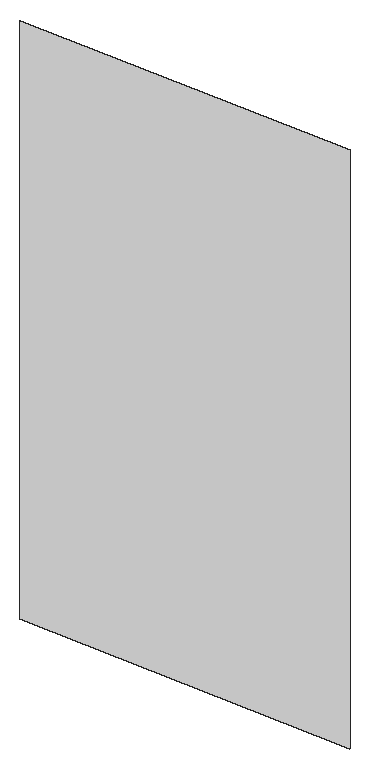
Revit family "PKNail Com Outlet", category Electrical Fixtures, host Wall, Revit 2017
Family settings
  Host = Wall
  Maintain Annotation Orientation = No
  Round Connector Dimension = Use Diameter
  Part Type = Normal
  OmniClass Number = 23.80.50.11.11
  OmniClass Title = Receptacle Terminal Units
  Always vertical = Yes
  Cut with Voids When Loaded = No
  Shared = No
  Room Calculation Point = No
Parameters (values of type "COM Outlet")
  Width = 70.00 mm
  PKNail Family Measure Location Centered = yes
  PKNail Family Instance Elevation [instance] = 254.00 mm
  PKNail Family Fixed Dimensions = "Width:Height"
  Label = "COM"
  Height = 114.00 mm
  Material = Plastic - White
Reference planes
  plane 1: y = 0
  plane 2 "Center (Left/Right)": x = 0
  plane 3 "Back": y = 76.2
  plane 4 "Left": x = -35
  plane 5 "Right": x = 35
  plane 6: z = 247.65
  plane 7: z = 361.65
  plane 8 "Center (Elevation)": z = 304.65
  plane 9: y = 80.962
  plane 10: y = 82.55
  plane 11: z = 50.65
Forms (mm)
  Blend 1, solid, material "Plastic - White" <- "Material"
    base sketch origin (0, 76.2, 0) x (1, 0, 0) y (0, 0, 1)
      loop
        line (35, 361.65) -> (-35, 361.65) -> (-35, 247.65) -> (35, 247.65) -> (35, 361.65)
    top sketch origin (0, 76.2, 0) x (1, 0, 0) y (0, 0, 1)
      loop
        line (30.238, 356.888) -> (-30.237, 356.888) -> (-30.237, 252.413) -> (30.238, 252.413) -> (30.238, 356.888)
    from 0 to -4.762
Lines and regions (mm)
  model lines, style "InvisibleLines"
    curve 1: line (0, 76.2, 247.65) -> (0, 76.2, 50.65)
Text (mm)
  text "Placement Side" at (0, 1019.848, 3124.603), in view "Right"
  text "Placement Side" at (0, 1206.291, 3571.227), in view "Left"
Dimensions and locks
  locked: plane 3 "Back" to host wall
  "Height": plane 6 to plane 7
  "Width": plane 5 "Right" to plane 4 "Left"
  equal spacing: plane 5 "Right", plane 2 "Center (Left/Right)", plane 4 "Left"
  equal spacing: plane 6, plane 8 "Center (Elevation)", plane 7
  locked: plane 3 "Back" to plane 9 at 4.762
  locked: plane 9 to plane 10 at 1.588
  "PKNail Family Instance Elevation": plane 11 to plane 8 "Center (Elevation)"
  aligned and locked: plane 6 to Blend 1 sketch curve
  aligned and locked: plane 5 "Right" to Blend 1 sketch curve
  aligned and locked: Blend 1 sketch curve to plane 7
  aligned and locked: plane 3 "Back" to nested 1
  aligned and locked: Blend 1 to curve 1
  aligned and locked: curve 1 to plane 2 "Center (Left/Right)"
Automatic sketch dimensions
  plane 4 "Left" to Blend 1 sketch curve = 4.762 mm
  Blend 1 sketch curve to plane 5 "Right" = 4.763 mm
  Blend 1 sketch curve to plane 6 = 4.763 mm
  plane 7 to Blend 1 sketch curve = 4.762 mm
  Blend 1 sketch curve to plane 4 "Left" = 0.00 mm
  curve 1 to plane 11 = 0.00 mm
Nested families
  nested 1: "Outlet Annotation2" at (-0.091, 76.2, 0), type "Outlet Annotation2"
Definition of nested family "Outlet Annotation2"
  Parameters
    Label = "TV"
  Reference planes
    plane 1: y = 0
    plane 2: x = 0
  Lines and regions (mm)
    detail lines
      curve 1: line (0, 0.398, 0) -> (0, 2.778, 0)
      curve 2: line (-1.587, 5.953, 0) -> (1.587, 5.953, 0)
      curve 3: line (-1.587, 2.778, 0) -> (-1.587, 5.953, 0)
      curve 4: line (1.587, 2.778, 0) -> (-1.587, 2.778, 0)
      curve 5: line (1.587, 5.953, 0) -> (1.587, 2.778, 0)
  Text (mm)
    label "Label" at (-0.001, 4.356, 0), shows "Label"
